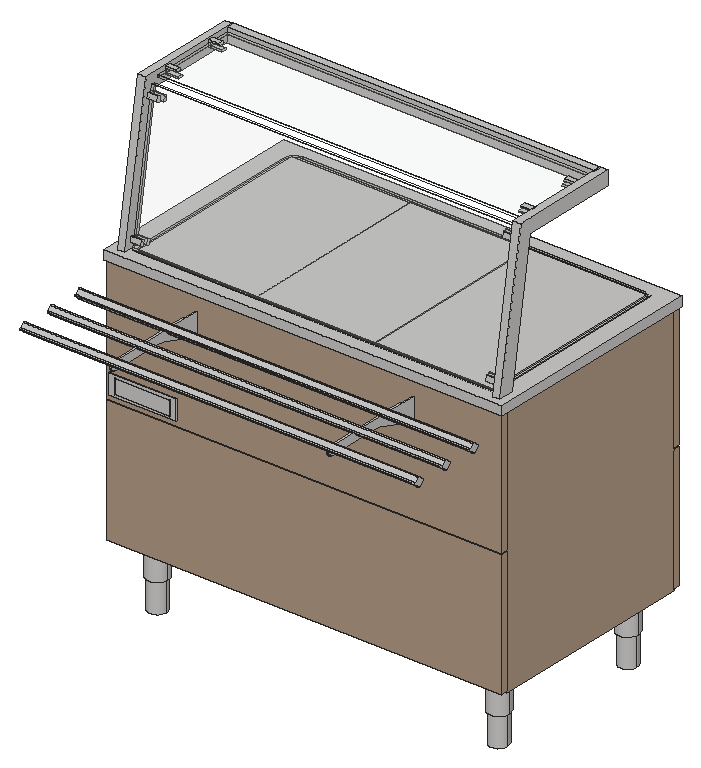
Revit family "QF_ELECTROLUXPROFESSIONAL_322085_F04H3AF01W", category Specialty Equipment, Revit 2018
Family settings
  Round Connector Dimension = Use Diameter
  Part Type = Normal
  Work Plane-Based = No
  Always vertical = Yes
  Cut with Voids When Loaded = No
  Shared = No
  Room Calculation Point = No
Parameters
  Weight = 102.50 kg
  Watts = 0 W
  Volts = 0 V
  URL Manufacturer = ""
  URL = ""
  Steam Supply Size = 0 mm
  Steam Supply Minimum Pressure = 0.0 Pa
  Steam Supply Maximum Pressure = 0.0 Pa
  Steam Pounds per Hour = 0
  Show Clearance [instance] = yes
  Refrigeration Suction Line Size = 0 mm
  Refrigeration Liquid Line Size = 0 mm
  Refrigerant Compressor Remote = yes
  Manufacturer = ""
  Phase = 0
  Model = ""
  Length Actual = 1100 mm  # constant formula
  Item Number = ""
  Hot Water Size = 0 mm
  Height Actual = 1304 mm  # constant formula
  HP = "0 HP"
  Gas Size = 0 mm
  Gas KW = 0
  Gas Input Pressure = 0 W
  Direct Waste Size = 0 mm
  Description = ""
  Depth Actual = 915 mm  # constant formula
  Cycle = 0 Hz
  Condensate Return Size = 0 mm
  Compressed Air Volume = 0.0 L/s
  Compressed Air Size = 0 mm
  Compressed Air Pressure = 0.0 Pa
  Cold Water Size = 0 mm
  Accessory = yes
Types (2, lengths in mm): name | Volts | URL Manufacturer | URL | Manufacturer | Phase | Model | Item Number | Description | Cycle
  (no name) | 0 V | "" | "" | "" | 0 | "" | "" | "" | 0 Hz
  Standard | 220 V | "http://professional.electrolux.com" | "http://professional.electrolux.com" | "Electrolux Professional" | 1 | "F04H3AF01W" | "322085" | "TEMPERED GLASS TOP, 3GN H=900MM OVERSHELF W/LED LIGHTS" | 60 Hz
Reference planes
  plane 1 "Centro (Fronte/Retro)": y = 74.737
  plane 2: z = 0
  plane 3 "BACK": y = 384.737
  plane 4 "FRONT": y = -235.263
  plane 5: z = 900
  plane 6 "RIGHT": x = 35.731
  plane 7 "LEFT": x = -1064.269
  plane 8: x = -514.269
  plane 9: y = 664.737
  plane 10: y = -530.02
  plane 11: z = 178
  plane 12: z = 1304
  plane 13: z = 1222
  plane 14: y = 297.737
  plane 15: y = -148.263
  plane 16: x = -986.269
  plane 17: x = -42.269
  plane 18: x = -1060.269
  plane 19: y = -231.263
  plane 20: x = 31.731
  plane 21: y = 380.737
  plane 22: z = 874
  plane 23: y = 362.737
  plane 24: y = -213.263
  plane 25: z = 182
  plane 26: z = 527
  plane 27: z = 531
  plane 28: x = -212.269
  plane 29: x = -816.269
  plane 30: x = -1042.394
  plane 31: x = 13.856
  plane 32: x = -6.144
  plane 33: x = -1022.394
  plane 34: x = -1014.269
  plane 35: x = -14.269
  plane 36: y = 130.237
  plane 37: y = 19.237
  plane 38: y = 33.237
  plane 39: y = 116.237
  plane 40: x = -952.269
  plane 41: x = -69.269
Forms (mm)
  Extrusion 1, solid, material "QF_Finishes_Wood"
    sketch origin (0, 0, 0) x (1, 0, 0) y (0, 1, 0)
      loop
        line (-1060.269, 362.737) -> (-1060.269, -213.263) -> (31.731, -213.263) -> (31.731, 362.737) -> (-1060.269, 362.737)
    from 178 to 874
  Extrusion 2, solid, material "QF_Finishes_Wood"
    sketch origin (31.731, 362.737, 0) x (0, -1, 0) y (0, 0, -1)
      loop
        line (576, -182) -> (576, -527) -> (594, -527) -> (594, -182) -> (576, -182)
      loop
        line (576, -531) -> (576, -874) -> (594, -874) -> (594, -531) -> (576, -531)
    from 0 to -1092
  Extrusion 3, solid, material "QF_Finishes_Wood"
    sketch origin (31.731, -213.263, 0) x (0, 1, 0) y (0, 0, 1)
      loop
        line (576, 531) -> (594, 531) -> (594, 874) -> (576, 874) -> (576, 531)
    from 0 to -1092
  Extrusion 4, solid, material "QF_Finishes_Stainless Steel"
    sketch origin (0, 0, 0) x (1, 0, 0) y (0, 1, 0)
      loop
        line (-1064.269, 384.737) -> (-1064.269, -235.263) -> (35.731, -235.263) -> (35.731, 384.737) -> (-1064.269, 384.737)
    from 874 to 900
  Extrusion 5, solid, material "QF_Finishes_Stainless Steel"
    sketch origin (-217.269, 362.737, 0) x (0, -1, 0) y (0, 0, -1)
      loop
        arc (628.84, -832.7) -> (632.082, -833.911) -> (635.519, -834.32) r 14.5
        line (635.519, -834.32) -> (675.715, -834.32) -> (689.858, -820.177) -> (704, -834.32) -> (770.715, -834.32) -> (784.858, -820.177) -> (799, -834.32) -> (865.716, -834.32) -> (879.858, -820.177) -> (887.686, -828.005) -> (887.686, -821.352)
        arc (887.686, -821.352) -> (887.303, -819.435) -> (886.214, -817.81) r 4.999
        line (886.214, -817.81) -> (881.179, -812.776)
        arc (881.179, -812.776) -> (879.559, -811.698) -> (877.651, -811.32) r 5
        line (877.651, -811.32) -> (732.206, -811.32)
        arc (732.206, -811.32) -> (708.662, -809.221) -> (685.86, -802.991) r 133.106
        line (685.86, -802.991) -> (638.285, -785.32) -> (597.679, -770.12) -> (594, -770.12) -> (594, -832.7) -> (628.84, -832.7)
    from 0 to 5
  Extrusion 6, solid, material "QF_Finishes_Wood"
    sketch origin (419.731, -213.263, -348) x (0, 1, 0) y (0, 0, 1)
      loop
        line (576, 530) -> (594, 530) -> (594, 875) -> (576, 875) -> (576, 530)
    from -388 to -658.044
  Extrusion 7, solid, material "QF_Finishes_Wood"
    sketch origin (-234.269, -213.263, -348) x (0, 1, 0) y (0, 0, 1)
      loop
        line (576, 530) -> (594, 530) -> (594, 875) -> (576, 875) -> (576, 530)
    from -548.963 to -826
  Extrusion 8, solid, material "QF_Door-Drawer Clearances", visible <- "Show Clearance"
    sketch origin (0, -4, 0) x (1, 0, 0) y (0, 1, 0)
      loop
        line (-783.232, 384.737) -> (-238.312, 384.737) -> (-710.987, 657.636)
        arc (-710.987, 657.636) -> (-765.12, 525.955) -> (-783.232, 384.737) r 544.001
    from 182 to 527
  Extrusion 9, solid, material "QF_Finishes_Stainless Steel"
    sketch origin (-816.269, 362.737, 0) x (0, -1, 0) y (0, 0, -1)
      loop
        arc (628.84, -832.7) -> (632.082, -833.911) -> (635.519, -834.32) r 14.5
        line (635.519, -834.32) -> (675.715, -834.32) -> (689.858, -820.177) -> (704, -834.32) -> (770.715, -834.32) -> (784.858, -820.177) -> (799, -834.32) -> (865.716, -834.32) -> (879.858, -820.177) -> (887.686, -828.005) -> (887.686, -821.352)
        arc (887.686, -821.352) -> (887.303, -819.435) -> (886.214, -817.81) r 4.999
        line (886.214, -817.81) -> (881.179, -812.776)
        arc (881.179, -812.776) -> (879.559, -811.698) -> (877.651, -811.32) r 5
        line (877.651, -811.32) -> (732.206, -811.32)
        arc (732.206, -811.32) -> (708.662, -809.221) -> (685.86, -802.991) r 133.106
        line (685.86, -802.991) -> (638.285, -785.32) -> (597.679, -770.12) -> (594, -770.12) -> (594, -832.7) -> (628.84, -832.7)
    from 0 to 5
  Extrusion 10, solid, material "QF_Finishes_Stainless Steel"
    sketch origin (31.731, 362.737, 0) x (0, -1, 0) y (0, 0, -1)
      loop
        line (881.983, -846.337) -> (891.875, -836.445)
        arc (891.875, -836.445) -> (892.757, -834.322) -> (891.879, -832.198) r 3
        line (891.879, -832.198) -> (881.979, -822.299)
        arc (881.979, -822.299) -> (879.858, -821.42) -> (877.737, -822.299) r 3
        line (877.737, -822.299) -> (867.837, -832.198)
        arc (867.837, -832.198) -> (866.958, -834.32) -> (867.837, -836.441) r 3
        line (867.837, -836.441) -> (877.737, -846.34)
        arc (877.737, -846.34) -> (879.86, -847.219) -> (881.983, -846.337) r 3
      loop
        line (786.979, -846.34) -> (796.879, -836.441)
        arc (796.879, -836.441) -> (797.757, -834.32) -> (796.879, -832.198) r 3
        line (796.879, -832.198) -> (786.979, -822.299)
        arc (786.979, -822.299) -> (784.858, -821.42) -> (782.737, -822.299) r 3
        line (782.737, -822.299) -> (772.837, -832.198)
        arc (772.837, -832.198) -> (771.958, -834.317) -> (772.833, -836.437) r 3
        line (772.833, -836.437) -> (782.741, -846.345)
        arc (782.741, -846.345) -> (784.861, -847.219) -> (786.979, -846.34) r 3
      loop
        line (691.976, -846.343) -> (701.882, -836.438)
        arc (701.882, -836.438) -> (702.757, -834.318) -> (701.879, -832.198) r 3
        line (701.879, -832.198) -> (691.979, -822.299)
        arc (691.979, -822.299) -> (689.858, -821.42) -> (687.737, -822.299) r 3
        line (687.737, -822.299) -> (677.837, -832.198)
        arc (677.837, -832.198) -> (676.958, -834.32) -> (677.837, -836.441) r 3
        line (677.837, -836.441) -> (687.737, -846.34)
        arc (687.737, -846.34) -> (689.856, -847.219) -> (691.976, -846.343) r 3
    from 0 to -1092
  Extrusion 11, solid, material "QF_Finishes_Stainless Steel"
    sketch origin (31.731, 362.737, 0) x (0, -1, 0) y (0, 0, -1)
      loop
        line (206.477, -1264.379) -> (206.477, -1304) -> (507.108, -1304) -> (578.344, -900) -> (537.727, -900) -> (473.477, -1264.379) -> (206.477, -1264.379)
    from -17.875 to -37.875
  Extrusion 12, solid, material "QF_Finishes_Stainless Steel"
    sketch origin (-895.269, 362.737, 0) x (0, -1, 0) y (0, 0, 1)
      loop
        line (206.477, 1264.379) -> (473.477, 1264.379) -> (537.727, 900) -> (578.344, 900) -> (507.108, 1304) -> (206.477, 1304) -> (206.477, 1264.379)
    from 147.125 to 127.125
  Extrusion 13, solid, material "QF_Finishes_Glass"
    sketch origin (-133.269, -231.263, 531) x (0, 0, 1) y (-1, 0, 0)
      loop
        line (757.879, -119) -> (765.879, -119) -> (765.879, 881) -> (757.879, 881) -> (757.879, -119)
    from -361.5 to -120.204
  Extrusion 14, solid, material "QF_Finishes_Stainless Steel"
    sketch origin (0, 0, 0) x (1, 0, 0) y (0, 1, 0)
      loop
        line (-1022.394, 156.26) -> (-1022.394, 136.26) -> (-6.144, 136.26) -> (-6.144, 156.26) -> (-1022.394, 156.26)
    from 1264.379 to 1304
  Extrusion 15, solid, material "QF_Finishes_Glass"
    sketch origin (-133.269, 362.737, 0) x (0, -1, 0) y (0, 0, -1)
      loop
        line (494.569, -1282.974) -> (562.097, -900) -> (553.974, -900) -> (486.445, -1282.974) -> (494.569, -1282.974)
    from 119 to -881
  Extrusion 16, solid, material "QF_Finishes_Wood"
    sketch origin (314.688, -213.263, -348) x (0, 1, 0) y (0, 0, 1)
      loop
        line (576, 530) -> (594, 530) -> (594, 875) -> (576, 875) -> (576, 530)
    from -553 to -1097.92
  Extrusion 17, solid, material "QF_Finishes_Stainless Steel"
    sketch origin (-283.269, -64.263, 531) x (0, 0, 1) y (-1, 0, 0)
      loop
        line (765.879, 706.5) -> (770.879, 708.5) -> (770.879, 739.125) -> (750.879, 739.125) -> (750.879, 731) -> (751.974, 731) -> (751.974, 700.938) -> (755.879, 702.5) -> (755.879, 732) -> (765.879, 732) -> (765.879, 706.5)
    from 0 to 14
  Extrusion 18, solid, material "QF_Finishes_Stainless Steel"
    sketch origin (-283.269, 85.737, 531) x (0, 0, 1) y (-1, 0, 0)
      loop
        line (765.879, 706.5) -> (770.879, 708.5) -> (770.879, 739.125) -> (750.879, 739.125) -> (750.879, 731) -> (751.974, 731) -> (751.974, 700.938) -> (755.879, 702.5) -> (755.879, 732) -> (765.879, 732) -> (765.879, 706.5)
    from 0 to 14
  Extrusion 19, solid, material "QF_Finishes_Stainless Steel"
    sketch origin (-745.269, -64.263, 531) x (0, 0, 1) y (-1, 0, 0)
      loop
        line (765.879, -706.5) -> (765.879, -732) -> (755.879, -732) -> (755.879, -702.5) -> (751.974, -700.938) -> (751.974, -731) -> (750.879, -731) -> (750.879, -739.125) -> (770.879, -739.125) -> (770.879, -708.5) -> (765.879, -706.5)
    from 0 to 14
  Extrusion 20, solid, material "QF_Finishes_Stainless Steel"
    sketch origin (-745.269, 85.737, 531) x (0, 0, 1) y (-1, 0, 0)
      loop
        line (765.879, -706.5) -> (765.879, -732) -> (755.879, -732) -> (755.879, -702.5) -> (751.974, -700.938) -> (751.974, -731) -> (750.879, -731) -> (750.879, -739.125) -> (770.879, -739.125) -> (770.879, -708.5) -> (765.879, -706.5)
    from 0 to 14
  Extrusion 21, solid, material "QF_Finishes_Stainless Steel"
    sketch origin (-745.269, 619.458, 1129.907) x (0, -0.984808, 0.173648) y (-1, 0, 0)
      loop
        line (765.879, -706.5) -> (765.879, -732) -> (755.879, -732) -> (755.879, -702.5) -> (751.974, -700.938) -> (751.974, -731) -> (750.879, -731) -> (750.879, -739.125) -> (770.879, -739.125) -> (770.879, -708.5) -> (765.879, -706.5)
    from 0 to 14
  Extrusion 22, solid, material "QF_Finishes_Stainless Steel"
    sketch origin (-283.269, 619.458, 1129.907) x (0, -0.984808, 0.173648) y (-1, 0, 0)
      loop
        line (765.879, 706.5) -> (770.879, 708.5) -> (770.879, 739.125) -> (750.879, 739.125) -> (750.879, 731) -> (751.974, 731) -> (751.974, 700.938) -> (755.879, 702.5) -> (755.879, 732) -> (765.879, 732) -> (765.879, 706.5)
    from 0 to 14
  Extrusion 23, solid, material "QF_Finishes_Stainless Steel"
    sketch origin (-745.269, 562.154, 799.389) x (0, -0.984808, 0.173648) y (-1, 0, 0)
      loop
        line (765.879, -706.5) -> (765.879, -732) -> (755.879, -732) -> (755.879, -702.5) -> (751.974, -700.938) -> (751.974, -731) -> (750.879, -731) -> (750.879, -739.125) -> (770.879, -739.125) -> (770.879, -708.5) -> (765.879, -706.5)
    from 0 to 14
  Extrusion 24, solid, material "QF_Finishes_Stainless Steel"
    sketch origin (-283.269, 562.154, 799.389) x (0, -0.984808, 0.173648) y (-1, 0, 0)
      loop
        line (765.879, 706.5) -> (770.879, 708.5) -> (770.879, 739.125) -> (750.879, 739.125) -> (750.879, 731) -> (751.974, 731) -> (751.974, 700.938) -> (755.879, 702.5) -> (755.879, 732) -> (765.879, 732) -> (765.879, 706.5)
    from 0 to 14
  Extrusion 25, solid, material "QF_Finishes_Stainless Steel"
    sketch origin (165, 0, 0) x (1, 0, 0) y (0, 1, 0)
      loop
        circle (-196.269, 124.737) r 10
    from 178 to 166
  Extrusion 26, solid, material "QF_Finishes_Stainless Steel"
    sketch origin (-1193.537, 0, 0) x (-1, 0, 0) y (0, -1, 0)
      loop
        circle (-196.269, -124.737) r 10
    from 178 to 166
  Extrusion 27, void
    sketch origin (0, 0, 0) x (1, 0, 0) y (0, 1, 0)
      loop
        line (-14.269, -169.608) -> (-14.269, 320.392)
        arc (-14.269, 320.392) -> (-23.055, 341.606) -> (-44.269, 350.392) r 30
        line (-44.269, 350.392) -> (-984.269, 350.392)
        arc (-984.269, 350.392) -> (-1005.482, 341.606) -> (-1014.269, 320.392) r 30
        line (-1014.269, 320.392) -> (-1014.269, -169.608)
        arc (-1014.269, -169.608) -> (-1005.482, -190.821) -> (-984.269, -199.608) r 30
        line (-984.269, -199.608) -> (-44.269, -199.608)
        arc (-44.269, -199.608) -> (-23.055, -190.821) -> (-14.269, -169.608) r 30
    from 659.665 to 900
Cuts and joins
  Extrusion 27 cuts Extrusion 1
  Extrusion 27 cuts Extrusion 4
  Extrusion 27 cuts Extrusion 15
Lines and regions (mm)
  symbolic lines
    curve 1: line (35.731, 384.737, 0) -> (35.731, -235.263, 0)
    curve 2: line (-1064.269, -235.263, 0) -> (-1064.269, 384.737, 0)
    curve 3: line (-1064.269, 384.737, 0) -> (35.731, 384.737, 0)
    curve 4: line (-1064.269, -235.263, 0) -> (35.731, -235.263, 0)
    curve 5: line (-14.269, -64.263, 0) -> (-14.269, 71.737, 0)
    curve 6: line (-1014.269, 71.737, 0) -> (-1014.269, -64.263, 0)
    curve 7: line (-1042.394, 156.26, 0) -> (13.856, 156.26, 0)
    curve 8: line (13.856, 156.26, 0) -> (13.856, -215.607, 0)
    curve 9: line (13.856, -215.607, 0) -> (-6.144, -215.607, 0)
    curve 10: line (-6.144, -215.607, 0) -> (-6.144, 156.26, 0)
    curve 11: line (-6.144, 136.26, 0) -> (-1022.394, 136.26, 0)
    curve 12: line (-1022.394, 156.26, 0) -> (-1022.394, -215.607, 0)
    curve 13: line (-1022.394, -215.607, 0) -> (-1042.394, -215.607, 0)
    curve 14: line (-1042.394, -215.607, 0) -> (-1042.394, 156.26, 0)
    curve 15: line (-1042.394, -144.371, 0) -> (-1022.394, -144.371, 0)
    curve 16: line (-6.144, -144.371, 0) -> (13.856, -144.371, 0)
    curve 17: line (-1014.269, 130.237, 0) -> (-1014.269, 85.737, 0)
    curve 18: line (-1014.269, 130.237, 0) -> (-14.269, 130.237, 0)
    curve 19: line (-14.269, 130.237, 0) -> (-14.269, 85.737, 0)
    curve 20: line (-14.269, -78.263, 0) -> (-14.269, -111.059, 0)
    curve 21: line (-6.144, 85.737, 0) -> (-44.331, 85.737, 0)
    curve 22: line (-44.331, 85.737, 0) -> (-44.331, 71.737, 0)
    curve 23: line (-44.331, 71.737, 0) -> (-6.144, 71.737, 0)
    curve 24: line (-6.144, -64.263, 0) -> (-44.331, -64.263, 0)
    curve 25: line (-44.331, -64.263, 0) -> (-44.331, -78.263, 0)
    curve 26: line (-44.331, -78.263, 0) -> (-6.144, -78.263, 0)
    curve 27: line (-1022.394, -64.263, 0) -> (-989.769, -64.263, 0)
    curve 28: line (-989.769, -64.263, 0) -> (-989.769, -78.263, 0)
    curve 29: line (-989.769, -78.263, 0) -> (-1022.394, -78.263, 0)
    curve 30: line (-1022.394, 85.737, 0) -> (-989.769, 85.737, 0)
    curve 31: line (-989.769, 85.737, 0) -> (-989.769, 71.737, 0)
    curve 32: line (-989.769, 71.737, 0) -> (-1022.394, 71.737, 0)
    curve 33: line (-1022.394, -142.14, 0) -> (-991.769, -142.14, 0)
    curve 34: line (-991.769, -142.14, 0) -> (-991.769, -139.709, 0)
    curve 35: line (-991.769, -139.709, 0) -> (-1022.394, -139.709, 0)
    curve 36: line (-991.769, -142.14, 0) -> (-989.769, -137.216, 0)
    curve 37: line (-1015.269, -134.785, 0) -> (-989.769, -134.785, 0)
    curve 38: line (-1015.269, -134.785, 0) -> (-1015.269, -124.937, 0)
    curve 39: line (-1015.269, -124.937, 0) -> (-1014.269, -124.937, 0)
    curve 40: line (-1015.269, -127.368, 0) -> (-1014.269, -127.368, 0)
    curve 41: line (-1022.394, -120.013, 0) -> (-1014.269, -120.013, 0)
    curve 42: line (-1014.269, -120.013, 0) -> (-1014.269, -121.091, 0)
    curve 43: line (-984.207, -121.091, 0) -> (-984.207, -123.708, 0)
    curve 44: line (-984.207, -121.091, 0) -> (-985.269, -123.708, 0)
    curve 45: line (-991.769, -139.709, 0) -> (-989.769, -134.785, 0)
    curve 46: line (-989.769, -134.785, 0) -> (-989.769, -137.216, 0)
    curve 47: line (-1014.269, -123.708, 0) -> (-1014.269, -134.785, 0)
    curve 48: line (-14.269, -131.831, 0) -> (-14.269, -123.708, 0)
    curve 49: line (-14.269, -123.708, 0) -> (-1014.269, -123.708, 0)
    curve 50: line (-6.144, -142.14, 0) -> (-36.769, -142.14, 0)
    curve 51: line (-36.769, -142.14, 0) -> (-36.769, -139.709, 0)
    curve 52: line (-36.769, -139.709, 0) -> (-6.144, -139.709, 0)
    curve 53: line (-36.769, -142.14, 0) -> (-38.769, -137.216, 0)
    curve 54: line (-13.269, -134.785, 0) -> (-38.769, -134.785, 0)
    curve 55: line (-13.269, -134.785, 0) -> (-13.269, -124.937, 0)
    curve 56: line (-13.269, -124.937, 0) -> (-14.269, -124.937, 0)
    curve 57: line (-13.269, -127.368, 0) -> (-14.269, -127.368, 0)
    curve 58: line (-6.144, -120.013, 0) -> (-14.269, -120.013, 0)
    curve 59: line (-14.269, -120.013, 0) -> (-14.269, -121.091, 0)
    curve 60: line (-44.331, -121.091, 0) -> (-44.331, -123.708, 0)
    curve 61: line (-44.331, -121.091, 0) -> (-43.268, -123.708, 0)
    curve 62: line (-36.769, -139.709, 0) -> (-38.769, -134.785, 0)
    curve 63: line (-38.769, -134.785, 0) -> (-38.769, -137.216, 0)
    curve 64: line (-14.269, -123.708, 0) -> (-14.269, -134.785, 0)
    curve 65: line (-1014.269, -142.14, 0) -> (-1014.269, -192.089, 0)
    curve 66: line (-1014.269, -177.317, 0) -> (-1022.394, -177.317, 0)
    curve 67: line (-1014.269, -182.241, 0) -> (-1015.269, -182.241, 0)
    curve 68: line (-1015.269, -184.672, 0) -> (-1014.269, -184.672, 0)
    curve 69: line (-1015.269, -182.241, 0) -> (-1015.269, -192.089, 0)
    curve 70: line (-1015.269, -192.089, 0) -> (-989.779, -192.089, 0)
    curve 71: line (-991.769, -197.013, 0) -> (-989.779, -192.089, 0)
    curve 72: line (-989.779, -192.089, 0) -> (-989.779, -194.52, 0)
    curve 73: line (-991.769, -199.444, 0) -> (-989.779, -194.52, 0)
    curve 74: line (-991.769, -197.013, 0) -> (-991.769, -199.444, 0)
    curve 75: line (-1022.394, -199.444, 0) -> (-991.769, -199.444, 0)
    curve 76: line (-991.769, -197.013, 0) -> (-1022.394, -197.013, 0)
    curve 77: line (-14.269, -177.317, 0) -> (-6.144, -177.317, 0)
    curve 78: line (-14.269, -182.241, 0) -> (-13.269, -182.241, 0)
    curve 79: line (-13.269, -184.672, 0) -> (-14.269, -184.672, 0)
    curve 80: line (-13.269, -182.241, 0) -> (-13.269, -192.089, 0)
    curve 81: line (-13.269, -192.089, 0) -> (-38.758, -192.089, 0)
    curve 82: line (-36.769, -197.013, 0) -> (-38.758, -192.089, 0)
    curve 83: line (-38.758, -192.089, 0) -> (-38.758, -194.52, 0)
    curve 84: line (-36.769, -199.444, 0) -> (-38.758, -194.52, 0)
    curve 85: line (-36.769, -197.013, 0) -> (-36.769, -199.444, 0)
    curve 86: line (-6.144, -199.444, 0) -> (-36.769, -199.444, 0)
    curve 87: line (-36.769, -197.013, 0) -> (-6.144, -197.013, 0)
    curve 88: line (-991.735, -199.36, 0) -> (-36.803, -199.36, 0)
    curve 89: line (-1014.269, -78.263, 0) -> (-1014.269, -111.059, 0)
    curve 90: line (-1014.269, -111.059, 0) -> (-14.269, -111.059, 0)
    curve 91: line (-1014.269, -131.831, 0) -> (-14.269, -131.831, 0)
    curve 92: line (-14.269, -142.14, 0) -> (-14.269, -192.089, 0)
    curve 93: line (-44.331, -121.091, 0) -> (-14.269, -121.091, 0)
    curve 94: line (-1014.269, -121.091, 0) -> (-984.207, -121.091, 0)
    curve 95: line (-1064.269, -235.263, 0) -> (-1064.269, -530.02, 0)
    curve 96: line (-1064.269, -530.02, 0) -> (35.731, -530.02, 0)
    curve 97: line (35.731, -530.02, 0) -> (35.731, -235.263, 0)
  symbolic lines, style "QF_Door-Drawer Clearances"
    curve 98: arc (-710.987, 653.636, 0) -> (-764.605, 523.887, 0) -> (-783.232, 384.737, 0) r 544.001
    curve 99: line (-245.24, 384.737, 0) -> (-710.987, 653.636, 0)
    curve 100: line (-285.24, 384.737, 0) -> (-720.987, 636.316, 0)
  symbolic lines, style "SpecialityEquipmentHiddenLines"
    curve 101: line (-1004.269, 339.737, 0) -> (-1004.269, -190.263, 0)
    curve 102: line (-24.269, 339.737, 0) -> (-1004.269, 339.737, 0)
    curve 103: line (-1004.269, -190.263, 0) -> (-24.269, -190.263, 0)
    curve 104: line (-679.269, -190.263, 0) -> (-679.269, 339.737, 0)
    curve 105: line (-676.769, 339.737, 0) -> (-676.769, -190.263, 0)
    curve 106: line (-351.769, -190.263, 0) -> (-351.769, 339.737, 0)
    curve 107: line (-349.269, 339.737, 0) -> (-349.269, -190.263, 0)
    curve 108: line (-24.269, -190.263, 0) -> (-24.269, 339.737, 0)
Dimensions and locks
  plane 7 "LEFT" to plane 6 "RIGHT" = 1100 mm
  equal spacing: plane 3 "BACK", plane 1 "Centro (Fronte/Retro)", plane 4 "FRONT"
  plane 3 "BACK" to plane 4 "FRONT" = 620 mm
  equal spacing: plane 7 "LEFT", plane 8, plane 6 "RIGHT"
  locked: plane 9 to plane 3 "BACK" at 280
  locked: plane 4 "FRONT" to plane 10 at 294.757
  locked: plane 11 to plane 2 at 178
  locked: plane 5 to plane 2 at 900
  locked: plane 12 to plane 2 at 1304
  locked: plane 13 to plane 2 at 1222
  locked: plane 3 "BACK" to plane 14 at 87
  locked: plane 7 "LEFT" to plane 16 at 78
  locked: plane 17 to plane 6 "RIGHT" at 78
  locked: plane 15 to plane 4 "FRONT" at 87
  locked: plane 3 "BACK" to plane 21 at 4
  locked: plane 7 "LEFT" to plane 18 at 4
  locked: plane 20 to plane 6 "RIGHT" at 4
  locked: plane 19 to plane 4 "FRONT" at 4
  locked: plane 5 to plane 22 at 26
  locked: plane 24 to plane 19 at 18
  locked: plane 21 to plane 23 at 18
  plane 20 to plane 28 = 244 mm
  plane 29 to plane 18 = 244 mm
  equal spacing: plane 30, plane 8, plane 31
  plane 30 to plane 31 = 1056.25 mm
  locked: plane 30 to plane 33 at 20
  locked: plane 32 to plane 31 at 20
  equal spacing: plane 34, plane 8, plane 35
  plane 34 to plane 35 = 1000 mm
  equal spacing: plane 36, plane 1 "Centro (Fronte/Retro)", plane 37
  plane 36 to plane 37 = 111 mm
  locked: plane 36 to plane 39 at 14
  locked: plane 38 to plane 37 at 14
  locked: plane 41 to plane 6 "RIGHT" at 105
  locked: plane 7 "LEFT" to plane 40 at 112
  plane 16 to plane 7 "LEFT" = 78 mm
  plane 6 "RIGHT" to plane 17 = 78 mm
  angle Extrusion 8 sketch curve to Extrusion 8 sketch curve = 30.00°
  aligned and locked: level to plane 2
  aligned and locked: Extrusion 1 sketch curve to plane 23
  aligned and locked: plane 18 to Extrusion 1 sketch curve
  aligned and locked: plane 24 to Extrusion 1 sketch curve
  aligned and locked: Extrusion 1 sketch curve to plane 20
  aligned and locked: plane 22 to Extrusion 1
  aligned and locked: Extrusion 1 to plane 11
  aligned and locked: plane 25 to Extrusion 2 sketch curve
  aligned and locked: Extrusion 2 sketch curve to plane 24  (x2)
  aligned and locked: Extrusion 2 sketch curve to plane 26
  aligned and locked: plane 19 to Extrusion 2 sketch curve  (x2)
  aligned and locked: plane 27 to Extrusion 2 sketch curve
  aligned and locked: Extrusion 2 sketch curve to plane 22
  aligned and locked: Extrusion 2 to plane 18
  aligned and locked: Extrusion 3 to plane 18
  aligned and locked: Extrusion 4 sketch curve to plane 3 "BACK"
  aligned and locked: plane 7 "LEFT" to Extrusion 4 sketch curve
  aligned and locked: plane 4 "FRONT" to Extrusion 4 sketch curve
  aligned and locked: Extrusion 4 sketch curve to plane 6 "RIGHT"
  aligned and locked: Extrusion 4 to plane 22
  aligned and locked: plane 20 to Extrusion 6
  aligned and locked: Extrusion 7 to plane 18
  aligned and locked: plane 26 to Extrusion 8
  aligned and locked: Extrusion 6 to plane 25
  aligned and locked: Extrusion 7 to plane 25
  aligned and locked: plane 16 to nested 1
  aligned and locked: plane 17 to nested 2
  aligned and locked: nested 2 to plane 15
  aligned and locked: nested 1 to plane 15
  aligned and locked: nested 3 to plane 14
  aligned and locked: plane 16 to nested 4
  aligned and locked: plane 20 to Extrusion 10
  aligned and locked: Extrusion 10 to plane 18
  aligned and locked: nested 4 to plane 14
  aligned and locked: Extrusion 11 to plane 31
  aligned and locked: Extrusion 11 to plane 32
  aligned and locked: plane 33 to Extrusion 12
  aligned and locked: Extrusion 12 to plane 30
  aligned and locked: Extrusion 14 sketch curve to plane 32
  aligned and locked: plane 33 to Extrusion 14 sketch curve
  aligned and locked: Extrusion 14 to Extrusion 11
  aligned and locked: Extrusion 15 to plane 34
  aligned and locked: plane 35 to Extrusion 15
  aligned and locked: Extrusion 13 sketch curve to plane 35
  aligned and locked: plane 34 to Extrusion 13 sketch curve
  aligned and locked: plane 17 to nested 3
Automatic sketch dimensions
  Extrusion 1 to Extrusion 3 sketch curve = 0 mm
  Extrusion 3 sketch curve to Extrusion 1 = 0 mm
  Extrusion 3 sketch curve to Extrusion 3 sketch curve = 18 mm
  Extrusion 3 sketch curve to Extrusion 3 sketch curve = 343 mm
  Extrusion 5 sketch curve to plane 19 = 0 mm
  plane 4 "FRONT" to Extrusion 5 sketch curve = 0.321 mm
  Extrusion 5 sketch curve to plane 4 "FRONT" = 30.84 mm
  Extrusion 5 sketch curve to Extrusion 5 sketch curve = 6.66 mm
  Extrusion 5 sketch curve to Extrusion 5 sketch curve = 6.678 mm
  Extrusion 5 sketch curve to Extrusion 5 sketch curve = 2.785 mm
  Extrusion 5 sketch curve to Extrusion 5 sketch curve = 40.197 mm
  Extrusion 5 sketch curve to Extrusion 5 sketch curve = 10.145 mm
  Extrusion 5 sketch curve to Extrusion 5 sketch curve = 3.998 mm
  Extrusion 5 sketch curve to plane 22 = 39.68 mm  (x3)
  Extrusion 5 sketch curve to Extrusion 5 sketch curve = 14.142 mm  (x3)
  Extrusion 5 sketch curve to Extrusion 5 sketch curve = 28.206 mm
  Extrusion 5 sketch curve to Extrusion 5 sketch curve = 38.51 mm
  Extrusion 5 sketch curve to Extrusion 5 sketch curve = 14.143 mm
  plane 10 to Extrusion 5 sketch curve = 27.042 mm
  plane 10 to Extrusion 5 sketch curve = 15.107 mm
  Extrusion 5 sketch curve to Extrusion 5 sketch curve = 2.207 mm
  Extrusion 5 sketch curve to Extrusion 5 sketch curve = 3.528 mm  (x2)
  Extrusion 5 sketch curve to Extrusion 5 sketch curve = 2.829 mm
  plane 10 to Extrusion 5 sketch curve = 5.072 mm
  Extrusion 5 sketch curve to Extrusion 5 sketch curve = 1.62 mm
  Extrusion 5 sketch curve to Extrusion 5 sketch curve = 6.314 mm
  Extrusion 5 sketch curve to Extrusion 5 sketch curve = 6.653 mm
  Extrusion 5 sketch curve to Extrusion 5 sketch curve = 1.175 mm
  Extrusion 5 sketch curve to Extrusion 5 sketch curve = 3.858 mm
  Extrusion 5 sketch curve to Extrusion 5 sketch curve = 3.543 mm
  Extrusion 5 sketch curve to Extrusion 5 sketch curve = 23 mm
  Extrusion 5 sketch curve to Extrusion 5 sketch curve = 17.187 mm
  Extrusion 5 sketch curve to Extrusion 5 sketch curve = 34.499 mm
  Extrusion 5 sketch curve to Extrusion 5 sketch curve = 15.2 mm
  Extrusion 5 sketch curve to Extrusion 5 sketch curve = 0 mm
  Extrusion 6 sketch curve to plane 23 = 0 mm
  Extrusion 6 sketch curve to plane 21 = 0 mm
  Extrusion 6 sketch curve to plane 25 = 0 mm
  Extrusion 6 sketch curve to plane 26 = 0 mm
  Extrusion 7 sketch curve to plane 23 = 0 mm
  Extrusion 7 sketch curve to plane 21 = 0 mm
  Extrusion 7 sketch curve to plane 25 = 0 mm
  Extrusion 7 sketch curve to plane 26 = 0 mm
  Extrusion 9 sketch curve to plane 19 = 0 mm
  plane 4 "FRONT" to Extrusion 9 sketch curve = 0.321 mm
  Extrusion 9 sketch curve to plane 4 "FRONT" = 30.84 mm
  Extrusion 9 sketch curve to Extrusion 9 sketch curve = 6.66 mm
  Extrusion 9 sketch curve to Extrusion 9 sketch curve = 6.678 mm
  Extrusion 9 sketch curve to Extrusion 9 sketch curve = 2.785 mm
  Extrusion 9 sketch curve to Extrusion 9 sketch curve = 40.197 mm
  Extrusion 9 sketch curve to Extrusion 9 sketch curve = 10.145 mm
  Extrusion 9 sketch curve to Extrusion 9 sketch curve = 3.998 mm
  Extrusion 9 sketch curve to plane 22 = 39.68 mm  (x3)
  Extrusion 9 sketch curve to Extrusion 9 sketch curve = 14.142 mm  (x3)
  Extrusion 9 sketch curve to Extrusion 9 sketch curve = 28.206 mm
  Extrusion 9 sketch curve to Extrusion 9 sketch curve = 38.51 mm
  Extrusion 9 sketch curve to Extrusion 9 sketch curve = 14.143 mm
  plane 10 to Extrusion 9 sketch curve = 27.042 mm
  plane 10 to Extrusion 9 sketch curve = 15.107 mm
  Extrusion 9 sketch curve to Extrusion 9 sketch curve = 2.207 mm
  Extrusion 9 sketch curve to Extrusion 9 sketch curve = 3.528 mm  (x2)
  Extrusion 9 sketch curve to Extrusion 9 sketch curve = 2.829 mm
  plane 10 to Extrusion 9 sketch curve = 5.072 mm
  Extrusion 9 sketch curve to Extrusion 9 sketch curve = 1.62 mm
  Extrusion 9 sketch curve to Extrusion 9 sketch curve = 6.314 mm
  Extrusion 9 sketch curve to Extrusion 9 sketch curve = 6.653 mm
  Extrusion 9 sketch curve to Extrusion 9 sketch curve = 1.175 mm
  Extrusion 9 sketch curve to Extrusion 9 sketch curve = 3.858 mm
  Extrusion 9 sketch curve to Extrusion 9 sketch curve = 3.543 mm
  Extrusion 9 sketch curve to Extrusion 9 sketch curve = 23 mm
  Extrusion 9 sketch curve to Extrusion 9 sketch curve = 17.187 mm
  Extrusion 9 sketch curve to Extrusion 9 sketch curve = 34.499 mm
  Extrusion 9 sketch curve to Extrusion 9 sketch curve = 15.2 mm
  Extrusion 9 sketch curve to Extrusion 9 sketch curve = 0 mm
  Extrusion 1 to Extrusion 11 sketch curve = 206.477 mm
  Extrusion 1 to Extrusion 11 sketch curve = 102.523 mm
  Extrusion 11 sketch curve to Extrusion 11 sketch curve = 33.631 mm
  Extrusion 1 to Extrusion 11 sketch curve = 38.273 mm
  Extrusion 11 sketch curve to Extrusion 1 = 2.344 mm
  Extrusion 11 sketch curve to Extrusion 1 = 430 mm
  Extrusion 11 sketch curve to Extrusion 11 sketch curve = 39.621 mm
  Extrusion 11 sketch curve to Extrusion 1 = 26 mm
  Extrusion 12 sketch curve to plane 12 = 0 mm
  Extrusion 12 sketch curve to plane 5 = 0 mm
  plane 36 to Extrusion 12 sketch curve = 26.023 mm
  plane 15 to Extrusion 12 sketch curve = 37.523 mm
  plane 15 to Extrusion 12 sketch curve = 3.892 mm
  Extrusion 12 sketch curve to plane 15 = 26.727 mm
  Extrusion 12 sketch curve to plane 24 = 2.344 mm
  Extrusion 12 sketch curve to plane 12 = 39.621 mm
  Extrusion 13 sketch curve to plane 12 = 15.121 mm
  Extrusion 13 sketch curve to plane 12 = 7.121 mm
  plane 36 to Extrusion 14 sketch curve = 6.023 mm
  Extrusion 14 sketch curve to Extrusion 14 sketch curve = 20 mm
  Extrusion 15 sketch curve to plane 5 = 0 mm
  plane 15 to Extrusion 15 sketch curve = 24.555 mm
  Extrusion 15 sketch curve to Extrusion 15 sketch curve = 8.123 mm  (x2)
  plane 24 to Extrusion 15 sketch curve = 22.026 mm
  Extrusion 15 sketch curve to plane 12 = 21.026 mm
  Extrusion 16 sketch curve to plane 23 = 0 mm
  Extrusion 16 sketch curve to plane 21 = 0 mm
  Extrusion 16 sketch curve to plane 25 = 0 mm
  Extrusion 16 sketch curve to plane 26 = 0 mm
  Extrusion 1 to Extrusion 10 sketch curve = 39.68 mm
  Extrusion 10 sketch curve to Extrusion 1 = 103.958 mm
  Extrusion 10 sketch curve to Extrusion 10 sketch curve = 9.899 mm  (x8)
  Extrusion 1 to Extrusion 10 sketch curve = 27.657 mm
  Extrusion 10 sketch curve to Extrusion 10 sketch curve = 2.118 mm  (x3)
  Extrusion 1 to Extrusion 10 sketch curve = 37.562 mm
  Extrusion 10 sketch curve to Extrusion 10 sketch curve = 2.124 mm  (x2)
  Extrusion 1 to Extrusion 10 sketch curve = 37.563 mm
  Extrusion 10 sketch curve to Extrusion 10 sketch curve = 70.951 mm
  Extrusion 1 to Extrusion 10 sketch curve = 41.802 mm  (x6)
  Extrusion 10 sketch curve to Extrusion 10 sketch curve = 0.004 mm
  Extrusion 10 sketch curve to Extrusion 10 sketch curve = 2.126 mm
  Extrusion 1 to Extrusion 10 sketch curve = 27.655 mm
  Extrusion 10 sketch curve to Extrusion 10 sketch curve = 9.908 mm
  Extrusion 10 sketch curve to Extrusion 10 sketch curve = 2.117 mm
  Extrusion 1 to Extrusion 10 sketch curve = 27.66 mm  (x3)
  Extrusion 10 sketch curve to Extrusion 10 sketch curve = 2.121 mm  (x17)
  Extrusion 1 to Extrusion 10 sketch curve = 51.701 mm  (x6)
  Extrusion 1 to Extrusion 10 sketch curve = 37.559 mm  (x3)
  Extrusion 10 sketch curve to Extrusion 10 sketch curve = 70.958 mm
  Extrusion 10 sketch curve to Extrusion 10 sketch curve = 0 mm  (x12)
  Extrusion 1 to Extrusion 10 sketch curve = 27.663 mm
  Extrusion 10 sketch curve to Extrusion 10 sketch curve = 2.125 mm
  Extrusion 10 sketch curve to Extrusion 10 sketch curve = 9.9 mm
  Extrusion 1 to Extrusion 10 sketch curve = 37.555 mm
  Extrusion 8 sketch curve to plane 21 = 0 mm
  Extrusion 8 sketch curve to plane 3 "BACK" = 2 mm
  Extrusion 8 sketch curve to plane 28 = 26.966 mm
  Extrusion 8 sketch curve to Extrusion 8 sketch curve = 0.923 mm
  plane 29 to Extrusion 8 sketch curve = 33.037 mm
  Extrusion 17 sketch curve to plane 12 = 22.121 mm
  Extrusion 17 sketch curve to Extrusion 17 sketch curve = 1.095 mm
  Extrusion 17 sketch curve to Extrusion 17 sketch curve = 3.905 mm
  Extrusion 17 sketch curve to plane 12 = 7.121 mm
  Extrusion 17 sketch curve to plane 12 = 2.121 mm
  Extrusion 17 sketch curve to plane 29 = 167.938 mm
  Extrusion 17 sketch curve to Extrusion 17 sketch curve = 1.562 mm
  Extrusion 17 sketch curve to Extrusion 17 sketch curve = 4 mm
  Extrusion 17 sketch curve to Extrusion 17 sketch curve = 2 mm
  Extrusion 17 sketch curve to Extrusion 17 sketch curve = 24.5 mm
  Extrusion 17 sketch curve to Extrusion 17 sketch curve = 1 mm
  Extrusion 17 sketch curve to Extrusion 17 sketch curve = 7.125 mm
  Extrusion 18 sketch curve to plane 12 = 22.121 mm
  Extrusion 18 sketch curve to Extrusion 18 sketch curve = 1.095 mm
  Extrusion 18 sketch curve to Extrusion 18 sketch curve = 3.905 mm
  Extrusion 18 sketch curve to plane 12 = 7.121 mm
  Extrusion 18 sketch curve to plane 12 = 2.121 mm
  Extrusion 18 sketch curve to plane 29 = 167.938 mm
  Extrusion 18 sketch curve to Extrusion 18 sketch curve = 1.562 mm
  Extrusion 18 sketch curve to Extrusion 18 sketch curve = 4 mm
  Extrusion 18 sketch curve to Extrusion 18 sketch curve = 2 mm
  Extrusion 18 sketch curve to Extrusion 18 sketch curve = 24.5 mm
  Extrusion 18 sketch curve to Extrusion 18 sketch curve = 1 mm
  Extrusion 18 sketch curve to Extrusion 18 sketch curve = 7.125 mm
  Extrusion 19 sketch curve to plane 12 = 22.121 mm
  Extrusion 19 sketch curve to Extrusion 19 sketch curve = 1.095 mm
  Extrusion 19 sketch curve to Extrusion 19 sketch curve = 3.905 mm
  Extrusion 19 sketch curve to plane 12 = 7.121 mm
  Extrusion 19 sketch curve to plane 12 = 2.121 mm
  plane 28 to Extrusion 19 sketch curve = 206.125 mm
  Extrusion 19 sketch curve to Extrusion 19 sketch curve = 7.125 mm
  Extrusion 19 sketch curve to Extrusion 19 sketch curve = 1 mm
  Extrusion 19 sketch curve to Extrusion 19 sketch curve = 23.5 mm
  Extrusion 19 sketch curve to Extrusion 19 sketch curve = 2 mm
  Extrusion 19 sketch curve to Extrusion 19 sketch curve = 4 mm
  Extrusion 19 sketch curve to Extrusion 19 sketch curve = 1.562 mm
  Extrusion 20 sketch curve to plane 12 = 22.121 mm
  Extrusion 20 sketch curve to Extrusion 20 sketch curve = 1.095 mm
  Extrusion 20 sketch curve to Extrusion 20 sketch curve = 3.905 mm
  Extrusion 20 sketch curve to plane 12 = 7.121 mm
  Extrusion 20 sketch curve to plane 12 = 2.121 mm
  plane 28 to Extrusion 20 sketch curve = 206.125 mm
  Extrusion 20 sketch curve to Extrusion 20 sketch curve = 7.125 mm
  Extrusion 20 sketch curve to Extrusion 20 sketch curve = 1 mm
  Extrusion 20 sketch curve to Extrusion 20 sketch curve = 23.5 mm
  Extrusion 20 sketch curve to Extrusion 20 sketch curve = 2 mm
  Extrusion 20 sketch curve to Extrusion 20 sketch curve = 4 mm
  Extrusion 20 sketch curve to Extrusion 20 sketch curve = 1.562 mm
  plane 28 to Extrusion 21 sketch curve = 198 mm
  Extrusion 21 sketch curve to Extrusion 21 sketch curve = 1.095 mm
  Extrusion 21 sketch curve to Extrusion 21 sketch curve = 3.905 mm
  Extrusion 21 sketch curve to Extrusion 21 sketch curve = 10 mm
  Extrusion 21 sketch curve to Extrusion 21 sketch curve = 5 mm
  Extrusion 21 sketch curve to Extrusion 21 sketch curve = 1 mm
  Extrusion 21 sketch curve to Extrusion 21 sketch curve = 8.125 mm
  Extrusion 21 sketch curve to Extrusion 21 sketch curve = 23.5 mm
  Extrusion 21 sketch curve to Extrusion 21 sketch curve = 2 mm
  Extrusion 21 sketch curve to Extrusion 21 sketch curve = 4 mm
  Extrusion 21 sketch curve to Extrusion 21 sketch curve = 1.562 mm
  Extrusion 22 sketch curve to plane 29 = 198 mm
  Extrusion 22 sketch curve to Extrusion 22 sketch curve = 1.095 mm
  Extrusion 22 sketch curve to Extrusion 22 sketch curve = 3.905 mm
  Extrusion 22 sketch curve to Extrusion 22 sketch curve = 10 mm
  Extrusion 22 sketch curve to Extrusion 22 sketch curve = 5 mm
  Extrusion 22 sketch curve to plane 29 = 175.5 mm
  Extrusion 22 sketch curve to Extrusion 22 sketch curve = 2 mm
  Extrusion 22 sketch curve to Extrusion 22 sketch curve = 4 mm
  Extrusion 22 sketch curve to Extrusion 22 sketch curve = 1.562 mm
  Extrusion 22 sketch curve to Extrusion 22 sketch curve = 1 mm
  Extrusion 22 sketch curve to Extrusion 22 sketch curve = 7.125 mm
  plane 28 to Extrusion 23 sketch curve = 198 mm
  Extrusion 23 sketch curve to Extrusion 23 sketch curve = 1.095 mm
  Extrusion 23 sketch curve to Extrusion 23 sketch curve = 3.905 mm
  Extrusion 23 sketch curve to Extrusion 23 sketch curve = 10 mm
  Extrusion 23 sketch curve to Extrusion 23 sketch curve = 5 mm
  Extrusion 23 sketch curve to Extrusion 23 sketch curve = 1 mm
  Extrusion 23 sketch curve to Extrusion 23 sketch curve = 8.125 mm
  Extrusion 23 sketch curve to Extrusion 23 sketch curve = 23.5 mm
  Extrusion 23 sketch curve to Extrusion 23 sketch curve = 2 mm
  Extrusion 23 sketch curve to Extrusion 23 sketch curve = 4 mm
  Extrusion 23 sketch curve to Extrusion 23 sketch curve = 1.562 mm
  Extrusion 24 sketch curve to plane 29 = 198 mm
  Extrusion 24 sketch curve to Extrusion 24 sketch curve = 1.095 mm
  Extrusion 24 sketch curve to Extrusion 24 sketch curve = 3.905 mm
  Extrusion 24 sketch curve to Extrusion 24 sketch curve = 10 mm
  Extrusion 24 sketch curve to Extrusion 24 sketch curve = 5 mm
  Extrusion 24 sketch curve to plane 29 = 175.5 mm
  Extrusion 24 sketch curve to Extrusion 24 sketch curve = 2 mm
  Extrusion 24 sketch curve to Extrusion 24 sketch curve = 4 mm
  Extrusion 24 sketch curve to Extrusion 24 sketch curve = 1.562 mm
  Extrusion 24 sketch curve to Extrusion 24 sketch curve = 1 mm
  Extrusion 24 sketch curve to Extrusion 24 sketch curve = 7.125 mm
  plane 17 to Extrusion 25 sketch curve = 11 mm
  Extrusion 25 sketch curve to plane 36 = 5.5 mm
  plane 16 to Extrusion 26 sketch curve = 11 mm
  plane 36 to Extrusion 26 sketch curve = 5.5 mm
  curve 95 to plane 7 "LEFT" = 0 mm
  curve 13 to plane 30 = 0 mm
  curve 27 to plane 33 = 0 mm
  curve 47 to plane 34 = 0 mm
  curve 65 to plane 34 = 0 mm
  curve 89 to plane 34 = 0 mm
  curve 6 to plane 34 = 0 mm
  curve 18 to plane 34 = 0 mm
  curve 18 to plane 35 = 0 mm
  curve 20 to plane 35 = 0 mm
  curve 64 to plane 35 = 0 mm
  curve 5 to plane 35 = 0 mm
  curve 92 to plane 35 = 0 mm
  curve 10 to plane 32 = 0 mm
  curve 8 to plane 31 = 0 mm
  curve 3 to plane 3 "BACK" = 0 mm
  curve 96 to plane 6 "RIGHT" = 0 mm
  curve 96 to plane 10 = 0 mm
  curve 4 to plane 4 "FRONT" = 0 mm
  curve 17 to plane 36 = 0 mm
  curve 69 to plane 34 = 1 mm
  curve 37 to plane 34 = 1 mm
  curve 94 to plane 34 = 0 mm
  curve 71 to plane 16 = 5.5 mm
  curve 45 to plane 16 = 5.5 mm
  curve 71 to curve 72 = 1.989 mm
  curve 37 to plane 16 = 3.5 mm
  curve 27 to plane 16 = 3.5 mm
  curve 31 to plane 16 = 3.5 mm
  plane 16 to curve 43 = 2.062 mm
  curve 22 to plane 17 = 2.062 mm
  curve 24 to plane 17 = 2.062 mm
  curve 93 to plane 17 = 2.062 mm
  plane 17 to curve 54 = 3.5 mm
  plane 17 to curve 81 = 3.511 mm
  curve 53 to curve 51 = 2 mm
  curve 83 to curve 87 = 1.989 mm
  plane 35 to curve 58 = 0 mm
  curve 92 to curve 80 = 1 mm
  plane 35 to curve 56 = 1 mm
  curve 14 to plane 24 = 2.344 mm
  curve 10 to plane 24 = 2.344 mm
  plane 24 to curve 84 = 13.819 mm
  plane 24 to curve 75 = 13.819 mm
  curve 73 to curve 76 = 2.431 mm
  curve 84 to curve 87 = 2.431 mm
  curve 82 to curve 83 = 2.493 mm
  curve 71 to curve 73 = 2.493 mm
  curve 83 to curve 81 = 2.431 mm
  curve 76 to curve 69 = 4.924 mm
  curve 80 to curve 80 = 9.848 mm
  curve 69 to curve 67 = 9.848 mm
  plane 15 to curve 50 = 6.122 mm
  plane 15 to curve 36 = 6.122 mm
  curve 50 to curve 51 = 2.431 mm
  curve 33 to curve 45 = 2.431 mm
  curve 51 to curve 63 = 2.493 mm
  curve 34 to curve 36 = 2.493 mm
  curve 36 to curve 45 = 2.431 mm
  curve 53 to curve 63 = 2.431 mm
  curve 64 to curve 91 = 2.954 mm
  curve 48 to curve 55 = 6.894 mm
  curve 91 to curve 39 = 6.894 mm
  curve 56 to curve 64 = 1.229 mm
  curve 60 to curve 61 = 2.617 mm
  curve 47 to curve 94 = 2.617 mm
  curve 42 to curve 42 = 1.078 mm
  curve 59 to curve 59 = 1.078 mm
  curve 58 to curve 90 = 8.954 mm
  curve 89 to curve 28 = 32.796 mm
  curve 60 to curve 26 = 42.828 mm
  curve 25 to curve 24 = 14 mm
  curve 28 to curve 28 = 14 mm
  plane 1 "Centro (Fronte/Retro)" to curve 32 = 3 mm
  plane 1 "Centro (Fronte/Retro)" to curve 23 = 3 mm
  curve 22 to plane 1 "Centro (Fronte/Retro)" = 11 mm
  curve 30 to plane 1 "Centro (Fronte/Retro)" = 11 mm
  plane 36 to curve 14 = 26.023 mm
  curve 73 to curve 88 = 0.034 mm
  plane 16 to curve 44 = 0.999 mm
  curve 61 to plane 17 = 0.999 mm
  curve 79 to curve 78 = 2.431 mm
  curve 68 to curve 67 = 2.431 mm
  curve 78 to curve 77 = 4.924 mm
  curve 67 to curve 66 = 4.924 mm
  plane 15 to curve 16 = 3.892 mm
  curve 15 to curve 33 = 2.23 mm
  curve 40 to curve 39 = 2.431 mm
  curve 57 to curve 56 = 2.431 mm
  plane 36 to curve 11 = 6.023 mm
  plane 21 to curve 98 = 4 mm
  plane 21 to curve 99 = 4 mm
  curve 99 to plane 9 = 11.101 mm
  plane 29 to curve 99 = 105.281 mm
  curve 98 to plane 3 "BACK" = 2 mm
  curve 98 to plane 28 = 26.966 mm
  curve 99 to curve 98 = 6.005 mm
  curve 100 to plane 9 = 28.421 mm
  curve 100 to curve 99 = 10 mm
  plane 23 to curve 100 = 22 mm
  curve 100 to curve 99 = 40 mm
  Extrusion 27 sketch curve to plane 34 = 0 mm
  Extrusion 27 sketch curve to plane 35 = 0 mm
  plane 16 to Extrusion 27 sketch curve = 2 mm  (x2)
  Extrusion 27 sketch curve to plane 17 = 2 mm  (x2)
  plane 24 to Extrusion 27 sketch curve = 13.655 mm
  plane 14 to Extrusion 27 sketch curve = 22.655 mm
  plane 34 to curve 101 = 10 mm
  curve 108 to plane 35 = 10 mm
  curve 92 to curve 103 = 1.826 mm
  curve 108 to plane 23 = 23 mm
  plane 29 to curve 104 = 137 mm
  curve 104 to curve 105 = 2.5 mm
  curve 106 to plane 28 = 139.5 mm
  curve 106 to curve 107 = 2.5 mm
  radius of Extrusion 25 sketch curve = 10 mm
  radius of Extrusion 26 sketch curve = 10 mm
Nested families
  nested 1: "Foot_Ø50_H150" at (-986.269, -148.263, 0), type "Foot_Ø50_H150"
  nested 2: "Foot_Ø50_H150" at (-42.269, -148.263, 0), type "Foot_Ø50_H150"
  nested 3: "Foot_Ø50_H150" at (-42.269, 297.737, 0), type "Foot_Ø50_H150"
  nested 4: "Foot_Ø50_H150" at (-986.269, 297.737, 0), type "Foot_Ø50_H150"
  nested 5: "Tempered Glass 1100" at (0, 0, 0), type "Tempered Glass 1100"
    with Show Clearance yes
  nested 6: "Controller_compact" at (-958.019, -231.263, 572.68) x (1, 0, 0) z (0, -1, 0), type "Controller_compact"
  nested 7: "Sun" at (-144.269, -45.263, 0), type "Sun"
Connectors
  electrical at (-31.269, 124.737, 166)
    settings: on Extrusion 25, index 5, voltage 0 V, apparent load 0 VA, apparent load phase1 0 VA, apparent load phase2 0 VA, apparent load phase3 0 VA, power factor 1, load classification "Other", number of poles 1, system type 31, power factor state 1, is connector primary yes, connector utility no, sub classification motor no, connector description ""
  piping at (-997.269, 124.737, 166), diameter 20
    settings: on Extrusion 26, index 6, connector inside diameter 609.6 mm, connector length 0 mm, flow factor 0, pipe flow 0.0 L/s, pressure drop 0.0 Pa, fitting loss kfactor 0, connector angle 0.00°, fixture units 0, engagement length 0 mm, angle of deflection 0.00°, flow configuration 1, flow direction 2, fitting loss method 0, system type 16, joint type 0, gender type 0, connector reference index -1, connector utility 0, adjustable connector no, is connector primary yes, connector description ""
Definition of nested family "Foot_Ø50_H150"
  Reference planes
    plane 1 "Centro (Fronte/Retro)": y = 0
    plane 2: z = 0
    plane 3 "Centro (Sinistra/Destra)": x = 0
    plane 4: z = 178
  Forms (mm)
    Revolve 1, solid
      sketch origin (255.05, 0, 608.09) x (0, 0, 1) y (-1, 0, 0)
        loop
          line (-608.09, 255.05) -> (-608.09, 230.05) -> (-526.09, 230.05) -> (-526.09, 226.05) -> (-430.09, 226.05) -> (-430.09, 255.05) -> (-608.09, 255.05)
        axis (-608.09, 255.05) -> (-430.09, 255.05)
      angle from 0 to 360
  Dimensions and locks
    Revolve 1 sketch curve to Revolve 1 sketch curve = 96 mm
    aligned and locked: level to plane 2
    aligned and locked: plane 4 to Revolve 1 sketch curve
    aligned and locked: Revolve 1 sketch curve to level
    aligned and locked: plane 3 "Centro (Sinistra/Destra)" to Revolve 1 sketch curve
Definition of nested family "Tempered Glass 1100"
  Parameters (values of type "Tempered Glass 1100")
    Show Clearance [instance] = yes
  Reference planes
    plane 1 "Centro (Fronte/Retro)": y = 74.737
    plane 2: z = 0
    plane 3 "BACK": y = 384.737
    plane 4 "FRONT": y = -235.263
    plane 5 "RIGHT": x = 35.731
    plane 6 "LEFT": x = -1064.269
    plane 7: x = -514.269
    plane 8 "TOP": z = 900
    plane 9: y = 345.957
    plane 10: y = -196.483
    plane 11: x = -1010.489
    plane 12: x = -18.049
    plane 13: z = 898
    plane 14: z = 821.78
    plane 15: z = 824.78
    plane 16: x = -24.269
    plane 17: x = -1004.269
    plane 18: y = 339.737
    plane 19: y = -190.263
    plane 20: x = -679.269
    plane 21: x = -676.769
    plane 22: x = -351.769
    plane 23: x = -349.269
  Forms (mm)
    Extrusion 1, solid
      sketch origin (0, 0, 900) x (-1, 0, 0) y (0, -1, 0)
        loop
          line (1010.489, -345.957) -> (1010.489, 196.483) -> (18.049, 196.483) -> (18.049, -345.957) -> (1010.489, -345.957)
      from -2 to -78.22
    Sweep 2, void
      path origin (0, 0, 900) x (-1, 0, 0) y (0, -1, 0)
        loop
          line (1010.489, -345.957) -> (1010.489, 196.483) -> (18.049, 196.483) -> (18.049, -345.957) -> (1010.489, -345.957)
      profile origin (-514.269, 345.957, 900) x (0, 1, 0) y (0, 0, 1)
        loop
          line (0, -2) -> (-75, -78.22) -> (0, -78.22) -> (0, -2)
    Extrusion 3, solid
      sketch origin (0, 0, 900) x (-1, 0, 0) y (0, -1, 0)
        loop
          line (1004.269, -339.737) -> (1004.269, 190.263) -> (679.269, 190.263) -> (679.269, -339.737) -> (1004.269, -339.737)
        loop
          line (676.769, -339.737) -> (676.769, 190.263) -> (351.769, 190.263) -> (351.769, -339.737) -> (676.769, -339.737)
        loop
          line (349.269, -339.737) -> (349.269, 190.263) -> (24.269, 190.263) -> (24.269, -339.737) -> (349.269, -339.737)
      from -2 to 0
  Cuts and joins
    Sweep 2 cuts Extrusion 1
  Dimensions and locks
    plane 6 "LEFT" to plane 5 "RIGHT" = 1100 mm
    equal spacing: plane 3 "BACK", plane 1 "Centro (Fronte/Retro)", plane 4 "FRONT"
    plane 3 "BACK" to plane 4 "FRONT" = 620 mm
    equal spacing: plane 6 "LEFT", plane 7, plane 5 "RIGHT"
    locked: plane 8 "TOP" to plane 2 at 900
    locked: plane 3 "BACK" to plane 9 at 38.78
    locked: plane 10 to plane 4 "FRONT" at 38.78
    plane 6 "LEFT" to plane 11 = 53.78 mm
    plane 12 to plane 5 "RIGHT" = 53.78 mm
    locked: plane 8 "TOP" to plane 13 at 2
    plane 8 "TOP" to plane 14 = 78.22 mm
    locked: plane 15 to plane 14 at 3
    locked: plane 11 to plane 17 at 6.22
    locked: plane 16 to plane 12 at 6.22
    locked: plane 9 to plane 18 at 6.22
    locked: plane 19 to plane 10 at 6.22
    plane 17 to plane 20 to plane 21 to plane 22 to plane 23 to plane 16 = 325 mm, 2.5 mm, 325 mm, 2.5 mm, 325 mm
    aligned and locked: level to plane 2
    aligned and locked: Extrusion 1 to plane 14
    aligned and locked: plane 11 to Extrusion 1 sketch curve
    aligned and locked: Extrusion 1 sketch curve to plane 9
    aligned and locked: Extrusion 1 sketch curve to plane 12
    aligned and locked: Extrusion 1 sketch curve to plane 10
    aligned and locked: Extrusion 3 sketch curve to plane 18
    aligned and locked: plane 17 to Extrusion 3 sketch curve
    aligned and locked: plane 19 to Extrusion 3 sketch curve
    aligned and locked: plane 8 "TOP" to Extrusion 3
    aligned and locked: Extrusion 3 sketch curve to plane 20
  Automatic sketch dimensions
    Extrusion 3 sketch curve to plane 16 = 0 mm
    Extrusion 3 sketch curve to plane 19 = 0 mm  (x2)
    Extrusion 3 sketch curve to plane 23 = 0 mm
    Extrusion 3 sketch curve to plane 22 = 0 mm
    Extrusion 3 sketch curve to plane 21 = 0 mm
    Extrusion 3 sketch curve to plane 18 = 0 mm  (x2)
    Sweep 2 sketch curve to profile plane = 0 mm
    profile plane to Sweep 2 sketch curve = 75 mm
    Sweep 2 sketch curve to plane 8 "TOP" = 78.22 mm
    Sweep 2 sketch curve to plane 8 "TOP" = 2 mm
    Sweep 2 sketch curve to plane 9 = 0 mm
    Sweep 2 sketch curve to plane 12 = 0 mm
    Sweep 2 sketch curve to plane 10 = 0 mm
    Sweep 2 sketch curve to plane 11 = 0 mm
Definition of nested family "Controller_compact"
  Parameters
    Default Elevation = 1219.2 mm
  Reference planes
    plane 1 "Center (Front/Back)": y = 0
    plane 2: z = 0
    plane 3 "Center (Left/Right)": x = 0
    plane 4: x = -76
    plane 5: x = 76
    plane 6: y = -21
    plane 7: y = 21
    plane 8: x = -92.25
    plane 9: x = 92.25
    plane 10: y = -27.2
    plane 11: y = 27.2
  Forms (mm)
    Extrusion 1, solid
      sketch origin (0, 0, 0) x (1, 0, 0) y (0, 1, 0)
        loop
          line (-1219.2, 1219.2) -> (-1219.2, -1219.2) -> (1219.2, -1219.2) -> (1219.2, 1219.2) -> (-1219.2, 1219.2)
      from 0 to -304.8
    Extrusion 2, solid
      sketch origin (0, 0, 0) x (1, 0, 0) y (0, 1, 0)
        loop
          line (-76, 21) -> (-76, -21) -> (76, -21) -> (76, 21) -> (-76, 21)
      from 0 to 5
    Extrusion 3, solid
      sketch origin (0, 0, 0) x (1, 0, 0) y (0, 1, 0)
        loop
          line (-92.25, 27.2) -> (-92.25, -27.2) -> (92.25, -27.2) -> (92.25, 27.2) -> (-92.25, 27.2)
        loop
          line (-76, 21) -> (-76, -21) -> (76, -21) -> (76, 21) -> (-76, 21)
      from 0 to 5
  Lines and regions (mm)
    Split face 1
      outline origin (-14, 0, 5) x (1, 0, 0) y (0, 1, 0)
        loop
          line (-36, 10) -> (-36, -10) -> (-16, -10) -> (-16, 10) -> (-36, 10)
    Split face 2
      outline origin (26, 0, 5) x (1, 0, 0) y (0, 1, 0)
        loop
          line (-36, 10) -> (-36, -10) -> (-16, -10) -> (-16, 10) -> (-36, 10)
    Split face 3
      outline origin (98.5, 0, 5) x (1, 0, 0) y (0, 1, 0)
        loop
          line (-68.5, 10) -> (-68.5, -10) -> (-48.5, -10) -> (-48.5, 10) -> (-68.5, 10)
  Dimensions and locks
    equal spacing: plane 4, plane 3 "Center (Left/Right)", plane 5
    equal spacing: plane 7, plane 1 "Center (Front/Back)", plane 6
    plane 7 to plane 6 = 42 mm
    plane 4 to plane 5 = 152 mm
    equal spacing: plane 8, plane 3 "Center (Left/Right)", plane 9
    plane 8 to plane 9 = 184.5 mm
    equal spacing: plane 11, plane 1 "Center (Front/Back)", plane 10
    plane 11 to plane 10 = 54.4 mm
    aligned and locked: plane 2 to Extrusion 1
    aligned and locked: level to Extrusion 1
    aligned and locked: Extrusion 2 sketch curve to plane 7
    aligned and locked: plane 4 to Extrusion 2 sketch curve
    aligned and locked: plane 6 to Extrusion 2 sketch curve
    aligned and locked: Extrusion 2 sketch curve to plane 5
    aligned and locked: Extrusion 3 sketch curve to plane 11
    aligned and locked: plane 8 to Extrusion 3 sketch curve
    aligned and locked: plane 10 to Extrusion 3 sketch curve
    aligned and locked: Extrusion 3 sketch curve to plane 9
    aligned and locked: Extrusion 3 sketch curve to Extrusion 2  (x4)
    aligned and locked: Extrusion 3 to Extrusion 2
  Automatic sketch dimensions
    Extrusion 1 sketch curve to Extrusion 1 sketch curve = 2438.4 mm  (x2)
    Split face 1 sketch curve to Extrusion 2 = 11 mm  (x2)
    Split face 1 sketch curve to Extrusion 2 = 26 mm
    Split face 1 sketch curve to Split face 1 sketch curve = 20 mm
    Split face 2 sketch curve to Extrusion 2 = 11 mm  (x2)
    Split face 2 sketch curve to Extrusion 2 = 66 mm
    Split face 2 sketch curve to Split face 2 sketch curve = 20 mm
    Split face 3 sketch curve to Extrusion 2 = 11 mm  (x2)
    Split face 3 sketch curve to Extrusion 2 = 46 mm
    Split face 3 sketch curve to Split face 3 sketch curve = 20 mm
Definition of nested family "Sun"
  Reference planes
    plane 1 "Center (Front/Back)": y = 0
    plane 2: z = 0
    plane 3 "Center (Left/Right)": x = 0
  Lines and regions (mm)
    detail lines, in view "Ref. Level"
      curve 1: circle (0, 0, 0) r 35 normal (0, 0, 1)
      curve 2: line (-18, 31.177, 0) -> (-30, 51.962, 0)
      curve 3: line (0, 36, 0) -> (0, 60, 0)
      curve 4: line (18, 31.177, 0) -> (30, 51.962, 0)
      curve 5: line (31.177, 18, 0) -> (51.962, 30, 0)
      curve 6: line (36, 0, 0) -> (60, 0, 0)
      curve 7: line (31.177, -18, 0) -> (51.962, -30, 0)
      curve 8: line (18, -31.177, 0) -> (30, -51.962, 0)
      curve 9: line (0, -36, 0) -> (0, -60, 0)
      curve 10: line (-18, -31.177, 0) -> (-30, -51.962, 0)
      curve 11: line (-31.177, -18, 0) -> (-51.962, -30, 0)
      curve 12: line (-36, 0, 0) -> (-60, 0, 0)
      curve 13: line (-31.177, 18, 0) -> (-51.962, 30, 0)
